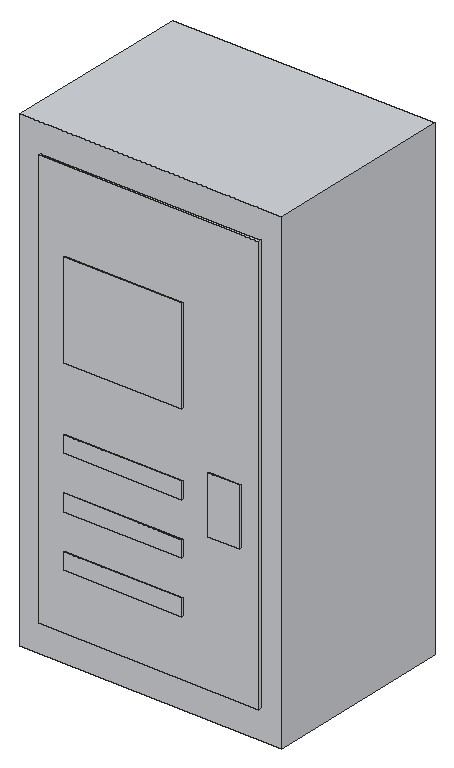
Revit family "GIS_UPS_Cabinet", category Equipamento elétrico, Revit 2027
Family settings
  Configuração do painel = Duas colunas, circuitos transversais
  Cota do conector redondo = Utilizar diâmetro
  Tipo de parte = Painel de controle
  Com base no plano de trabalho = Não
  Sempre na vertical = Sim
  Corte com vazios quando carregada = Não
  Manter orientação da anotação = Não
  Compartilhado = Não
  Ponto de cálculo do ambiente = Não
Parameters (values of type "UPS_STUDY")
  Default Elevation = 0 mm
  built-in parameter 1140142 [instance] = (empty or 0)
  built-in parameter 1140140 [instance] = 1 (stored number, unit not read)
  BIM_TensaoSecundaria_kV = 0.125
  BIM_TensaoNominal_kV = 0.38
  BIM_TensaoClasse_kV = 0.38
  BIM_TensaoClasseSecundaria_kV = 0
  BIM_Sistema_Elemento [instance] = ""
  BIM_ReferenciaCatalogo = "Portfolio study assumptions: 380 V AC input and 125 V DC output; mission and vendor data pending"
  BIM_Profundidade = 800 mm
  BIM_Potencia_MVA = 0
  BIM_Localizacao [instance] = ""
  BIM_Largura = 1100 mm
  BIM_Impedancia_pu = 0
  BIM_FonteGeometria = "Portfolio study assumptions: 380 V AC input and 125 V DC output; mission and vendor data pending"
  BIM_Fabricante = "NAO SELECIONADO"
  BIM_EstadoGeometria = "ESTIMATED"
  BIM_EstadoEspecificacao = "PREMISSA / NAO SELECIONADO"
  BIM_DescricaoEstudo = "UPS conceitual; 380 Vca de entrada e 125 Vcc de saida sao premissas, potencia e autonomia pendentes."
  BIM_CorrenteReferenciaSecundaria_A = 0
  BIM_CorrenteNominal_A = 0
  BIM_Bay [instance] = ""
  BIM_AlturaCorpoPrincipal = 2000 mm
  BIM_Altura = 2000 mm
  built-in parameter 1155100 [instance] = (empty or 0)
Reference planes
  plane 1 "Centro (Frente/Trás)": y = 0
  plane 2: z = 0
  plane 3 "Centro (Esquerda/Direita)": x = 0
  plane 4 "BIM Left": x = -550
  plane 5 "BIM Right": x = 550
  plane 6 "BIM Front": y = -400
  plane 7 "BIM Back": y = 400
Forms (mm)
  Extrusion 1, solid
    sketch origin (0, 0, 0) x (1, 0, 0) y (0, 1, 0)
      loop
        line (-550, -400) -> (550, -400) -> (550, 400) -> (-550, 400) -> (-550, -400)
    from 0 to 2000 <- "BIM_AlturaCorpoPrincipal"
  Extrusion 2, solid
    sketch origin (0, 0, 120) x (1, 0, 0) y (0, 1, 0)
      loop
        line (-462, -412.192) -> (462, -412.192) -> (462, -400) -> (-462, -400) -> (-462, -412.192)
    from 0 to 1760
  Extrusion 3, solid
    sketch origin (0, 0, 1140) x (1, 0, 0) y (0, 1, 0)
      loop
        line (-352, -418.288) -> (143, -418.288) -> (143, -400) -> (-352, -400) -> (-352, -418.288)
    from 0 to 400
  Extrusion 4, solid
    sketch origin (0, 0, 360) x (1, 0, 0) y (0, 1, 0)
      loop
        line (-352, -416.764) -> (143, -416.764) -> (143, -400) -> (-352, -400) -> (-352, -416.764)
    from 0 to 70
  Extrusion 5, solid
    sketch origin (0, 0, 580) x (1, 0, 0) y (0, 1, 0)
      loop
        line (-352, -416.764) -> (143, -416.764) -> (143, -400) -> (-352, -400) -> (-352, -416.764)
    from 0 to 70
  Extrusion 6, solid
    sketch origin (0, 0, 800) x (1, 0, 0) y (0, 1, 0)
      loop
        line (-352, -416.764) -> (143, -416.764) -> (143, -400) -> (-352, -400) -> (-352, -416.764)
    from 0 to 70
  Extrusion 7, solid
    sketch origin (0, 0, 700) x (1, 0, 0) y (0, 1, 0)
      loop
        line (253, -416.764) -> (385, -416.764) -> (385, -400) -> (253, -400) -> (253, -416.764)
    from 0 to 240
Dimensions and locks
  "BIM_Largura": plane 4 "BIM Left" to plane 5 "BIM Right"
  "BIM_Profundidade": plane 6 "BIM Front" to plane 7 "BIM Back"
  aligned and locked: level to plane 2
  aligned and locked: plane 4 "BIM Left" to Extrusion 1
  aligned and locked: Extrusion 1 to plane 5 "BIM Right"
  aligned and locked: Extrusion 1 to plane 6 "BIM Front"
  aligned and locked: plane 7 "BIM Back" to Extrusion 1
Automatic sketch dimensions
  Extrusion 1 sketch curve to plane 4 "BIM Left" = 0 mm
  Extrusion 1 sketch curve to plane 5 "BIM Right" = 0 mm
  Extrusion 1 sketch curve to plane 6 "BIM Front" = 0 mm
  Extrusion 1 sketch curve to plane 7 "BIM Back" = 0 mm
  Extrusion 2 sketch curve to plane 6 "BIM Front" = 0 mm
  Extrusion 2 sketch curve to plane 6 "BIM Front" = 12.192 mm
  Extrusion 2 sketch curve to plane 4 "BIM Left" = 88 mm
  plane 5 "BIM Right" to Extrusion 2 sketch curve = 88 mm
  Extrusion 3 sketch curve to plane 6 "BIM Front" = 0 mm
  Extrusion 3 sketch curve to plane 6 "BIM Front" = 18.288 mm
  Extrusion 3 sketch curve to plane 4 "BIM Left" = 198 mm
  plane 3 "Centro (Esquerda/Direita)" to Extrusion 3 sketch curve = 143 mm
  Extrusion 4 sketch curve to plane 6 "BIM Front" = 0 mm
  Extrusion 4 sketch curve to plane 6 "BIM Front" = 16.764 mm
  Extrusion 4 sketch curve to plane 4 "BIM Left" = 198 mm
  plane 3 "Centro (Esquerda/Direita)" to Extrusion 4 sketch curve = 143 mm
  Extrusion 5 sketch curve to plane 6 "BIM Front" = 0 mm
  Extrusion 5 sketch curve to plane 6 "BIM Front" = 16.764 mm
  Extrusion 5 sketch curve to plane 4 "BIM Left" = 198 mm
  plane 3 "Centro (Esquerda/Direita)" to Extrusion 5 sketch curve = 143 mm
  Extrusion 6 sketch curve to plane 6 "BIM Front" = 0 mm
  Extrusion 6 sketch curve to plane 6 "BIM Front" = 16.764 mm
  Extrusion 6 sketch curve to plane 4 "BIM Left" = 198 mm
  plane 3 "Centro (Esquerda/Direita)" to Extrusion 6 sketch curve = 143 mm
  Extrusion 7 sketch curve to plane 6 "BIM Front" = 0 mm
  Extrusion 7 sketch curve to plane 6 "BIM Front" = 16.764 mm
  plane 3 "Centro (Esquerda/Direita)" to Extrusion 7 sketch curve = 253 mm
  Extrusion 7 sketch curve to Extrusion 7 sketch curve = 132 mm
Connectors
  electrical at (-550, 0, 1000)
    settings: on Extrusion 1, index 1, voltage 380 V, apparent load 0 VA, apparent load phase1 0 VA, apparent load phase2 0 VA, apparent load phase3 0 VA, power factor 1, load classification "Outro", number of poles 3, system type 6, power factor state 1, is connector primary yes, connector utility no, sub classification motor no, connector description "Porta de entrada CA do sistema auxiliar QAC-01 a UPS-01; sistema logico; sem fio fisico 3D."
